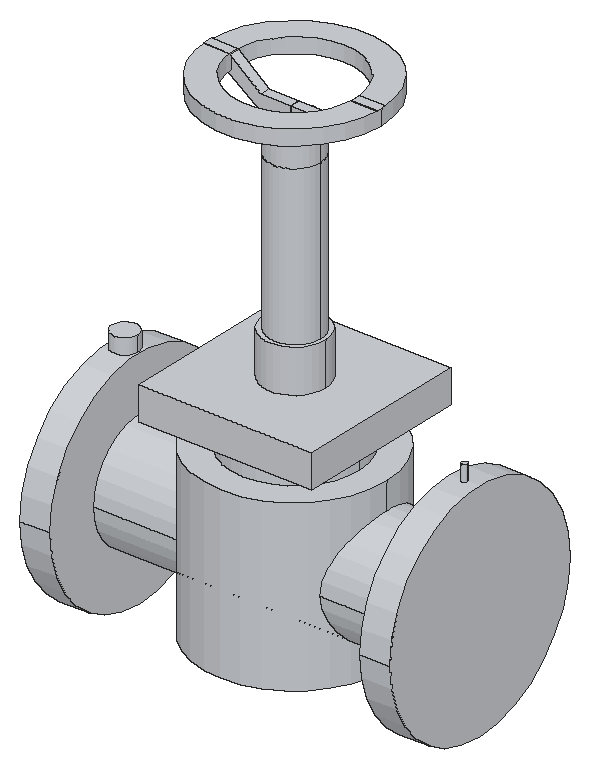
Revit family "Sigma_Compact_DN250-LF_PN16_RFA_2018", category Pipe Accessories, Revit 2018
Family settings
  Round Connector Dimension = Use Diameter
  Part Type = Valve - Breaks Into
  Work Plane-Based = No
  Always vertical = Yes
  Cut with Voids When Loaded = No
  Shared = No
Parameters (values of type "Sigma Compact DN 250 LF PN16")
  magiProductId = "6516628c9ce0481f89e5702e575104"
  magiProductFamilyId = "111bdfd32e424cd9a1e5f1ca7ea2b6"
  magiPartTypeId = 304
  isMeasuringValve [instance] = no
  ang2D [instance] = 0.00°
  W2D = 50 mm
  VersionID = "2.0/2018.12.13.2/FRESE_SIGMA_C_BIG_Q13_001"
  Use Minimum Symbol Size [instance] = no
  URL = "www.hydronix.cz"
  Type Comments = "přírubový; PN16; max dp=800kPa; 0~+110°C; max uzavírací tlak 1MPa"
  R4 = 127.75 mm
  R3 = 115.44 mm
  R1 = 182.5 mm
  QmdConnectorList = "301;D;302;D"
  Productdata [instance] = ""
  Manufacturer = "Hydronix"
  Maintenance Zone Under Depth [instance] = 100 mm
  Maintenance Zone Right Depth [instance] = 100 mm
  Maintenance Zone Over Depth [instance] = 100 mm
  Maintenance Zone Left Depth [instance] = 100 mm
  Maintenance Zone Front Depth [instance] = 100 mm
  Maintenance Zone Back Depth [instance] = 100 mm
  Maintenance Zone Front Visibility [instance] = no
  MC Use Limits From Balancing Method = no
  MC Throttling Minimum Value = 0
  MC Throttling Maximum Value = 0
  MC Product Code = "53-2407 DN250; PN16; (190000-475000 l/h); kvs=803"
  MC Pressure Drop Minimum Value = 0.0 Pa
  MC Pressure Drop Maximum Value = 0.0 Pa
  MC Piping Given Pressure Drop [instance] = 0.0 Pa
  LF__ve = -LF  # -58.4 mm
  LF2 = 29.2 mm
  LF = 58.4 mm
  L432 = 60.042 mm
  L43 = 120.085 mm
  L42 = 171.55 mm
  L4 = 343.1 mm
  L3 = 613.2 mm
  L2D_Min = 30.48 mm
  L2D = 230 mm
  L2 = 365 mm
  HH12 = 29 mm
  HH1 = 58 mm
  HDF__ve = -HDF  # -462 mm
  HDF = 462 mm
  H6 = 85 mm
  H4 = 66.6 mm
  H3 = 55.5 mm
  H2 = 166.5 mm
  H11 = 333 mm
  H1 = 1044 mm
  H = 906 mm
  Description = "Automatický vyvažovací ventil"
  DF2 = 222 mm
  D = 250 mm
  Clearance Zone Height Depth [instance] = 100 mm
  Clearance Zone Circular Radius [instance] = 365 mm
  Clearance Zone Visibility [instance] = no
  CAT0 = yes
Types (9, lengths in mm): name | magiProductId | Type Comments | R4 | R3 | R1 | MC Product Code | LF__ve | LF2 | LF | L432 | L43 | L42 | L4 | L3 | L2 | HH12 | HH1 | HDF__ve | HDF | H4 | H3 | H2 | H11 | H1 | H | DF2 | D | Clearance Zone Circular Radius
  Sigma Compact DN 050 LF PN16 | "7ce002c265594233b83d195dc264f1" | "přírubový; PN16; max dp=800kPa; 0~+120°C; max uzavírací tlak 1MPa" | 40.25 | 42.9 | 57.5 | "53-2400 DN50; PN16; (2480-15000 l/h); kvs=34" | -18.4 | 9.2 | 18.4 | 18.917 | 37.835 | 54.05 | 108.1 | 193.2 | 115 | 16.5 | 33 | -202 | 202 | 24.75 | 20.625 | 61.875 | 123.75 | 480 | 367 | 82.5 | 50 | 115
  Sigma Compact DN 065 LF PN16 | "7b440009bc83499eb1c9a6fd3b4fee" | "přírubový; PN16; max dp=800kPa; 0~+120°C; max uzavírací tlak 1MPa" | 50.75 | 48.1 | 72.5 | "53-2401 DN65; PN16; (4380-25000 l/h); kvs=50" | -23.2 | 11.6 | 23.2 | 23.853 | 47.705 | 68.15 | 136.3 | 243.6 | 145 | 16.5 | 33 | -199 | 199 | 27.75 | 23.125 | 69.375 | 138.75 | 497 | 384 | 92.5 | 65 | 145
  Sigma Compact DN 080 LF PN16 | "c04670cd33374e61a046fccc79a79b" | "přírubový; PN16; max dp=800kPa; 0~+120°C; max uzavírací tlak 1MPa" | 54.25 | 52 | 77.5 | "53-2402 DN80; PN16; (5340-34000 l/h); kvs=68" | -24.8 | 12.4 | 24.8 | 25.497 | 50.995 | 72.85 | 145.7 | 260.4 | 155 | 16.5 | 33 | -213 | 213 | 30 | 25 | 75 | 150 | 526 | 413 | 100 | 80 | 155
  Sigma Compact DN 100 LF PN16 | "e9669c3b3cb042d39f52f9a3f8394b" | "přírubový; PN16; max dp=800kPa; 0~+120°C; max uzavírací tlak 1MPa" | 61.25 | 61.1 | 87.5 | "53-2403 DN100; PN16; (12100-68000 l/h); kvs=115" | -28 | 14 | 28 | 28.788 | 57.575 | 82.25 | 164.5 | 294 | 175 | 34 | 68 | -331 | 331 | 35.25 | 29.375 | 88.125 | 176.25 | 714 | 566 | 117.5 | 100 | 175
  Sigma Compact DN 125 LF PN16 | "72414964175c4f3999d5daaa67221e" | "přírubový; PN16; max dp=800kPa; 0~+120°C; max uzavírací tlak 1MPa" | 70 | 70.2 | 100 | "53-2404 DN125; PN16; (18500-110000 l/h); kvs=186" | -32 | 16 | 32 | 32.9 | 65.8 | 94 | 188 | 336 | 200 | 36.5 | 73 | -338 | 338 | 40.5 | 33.75 | 101.25 | 202.5 | 761 | 608 | 135 | 125 | 200
  Sigma Compact DN 150 LF PN16 | "cb5ac98de80a46389b4a96eb8539c2" | "přírubový; PN16; max dp=800kPa; 0~+110°C; max uzavírací tlak 1MPa" | 84 | 74.1 | 120 | "53-2405 DN150; PN16; (25600-148000 l/h); kvs=250" | -38.4 | 19.2 | 38.4 | 39.48 | 78.96 | 112.8 | 225.6 | 403.2 | 240 | 13 | 26 | -391 | 391 | 42.75 | 35.625 | 106.875 | 213.75 | 782 | 676 | 142.5 | 150 | 240
  Sigma Compact DN 200 LF PN16 | "bd9983fcf82240be8b5626661ef83b" | "přírubový; PN16; max dp=800kPa; 0~+110°C; max uzavírací tlak 1MPa" | 105 | 98.8 | 150 | "53-2406 DN200; PN16; (95000-210000 l/h); kvs=371" | -48 | 24 | 48 | 49.35 | 98.7 | 141 | 282 | 504 | 300 | 29.5 | 59 | -334 | 334 | 57 | 47.5 | 142.5 | 285 | 853 | 714 | 190 | 200 | 300
  Sigma Compact DN 250 LF PN16 | "6516628c9ce0481f89e5702e575104" | "přírubový; PN16; max dp=800kPa; 0~+110°C; max uzavírací tlak 1MPa" | 127.75 | 115.44 | 182.5 | "53-2407 DN250; PN16; (190000-475000 l/h); kvs=803" | -58.4 | 29.2 | 58.4 | 60.042 | 120.085 | 171.55 | 343.1 | 613.2 | 365 | 29 | 58 | -462 | 462 | 66.6 | 55.5 | 166.5 | 333 | 1044 | 906 | 222 | 250 | 365
  Sigma Compact DN 300 LF PN16 | "f16ecb3a8ad443e99405ecd1e4779a" | "přírubový; PN16; max dp=800kPa; 0~+110°C; max uzavírací tlak 1MPa" | 148.75 | 135.2 | 212.5 | "53-2408 DN300; PN16; (190000-475000 l/h); kvs=803" | -68 | 34 | 68 | 69.912 | 139.825 | 199.75 | 399.5 | 714 | 425 | 29 | 58 | -424 | 424 | 78 | 65 | 195 | 390 | 1082 | 944 | 260 | 300 | 425
Reference planes
  plane 1 "Center (Front/Back)": y = 0
  plane 2 "XYPLANE": z = 0
  plane 3 "Center (Left/Right)": x = 0
  plane 4 "298": y = -322
  plane 5 "297": y = 322
  plane 6 "296": y = -222
  plane 7 "295": y = 222
  plane 8 "294": z = -322
  plane 9 "293": z = 922
  plane 10 "292": x = -465
  plane 11 "291": x = 465
  plane 12 "290": z = 922
  plane 13 "256": y = -20
  plane 14 "254": z = 703
  plane 15 "253": z = 713
  plane 16 "252": x = -40
  plane 17 "251": x = -30
  plane 18 "250": x = 40
  plane 19 "249": x = 30
  plane 20 "247": z = 373.6
  plane 21 "244": z = 684
  plane 22 "243": x = 171.55
  plane 23 "242": x = 120.085
  plane 24 "241": x = 60.042
  plane 25 "240": y = -10
  plane 26 "238": x = -60.042
  plane 27 "237": x = -120.085
  plane 28 "236": z = 742
  plane 29 "235": z = 772
  plane 30 "234": x = -171.55
  plane 31 "225": z = 822
  plane 32 "224": z = -222
  plane 33 "157": x = 335.8
  plane 34 "156": x = -335.8
  plane 35 "155": z = 222
  plane 36 "154": z = 288.6
  plane 37 "153": z = 222
  plane 38 "152": z = 166.5
  plane 39 "151": x = -306.6
  plane 40 "150": z = -166.5
  plane 41 "149": x = 0
  plane 42 "148": y = 0
  plane 43 "147": z = 0
  plane 44 "146": x = -365
  plane 45 "145": x = 365
Forms (mm)
  Blend 1, solid, visible <- "Maintenance Zone Front Visibility"
    base sketch origin (-750, 0, 922) x (1, 0, 0) y (0, 1, 0)
      loop
        line (285, 322) -> (285, -322) -> (1215, -322) -> (1215, 322) -> (285, 322)
    top sketch origin (-750, 0, 922) x (1, 0, 0) y (0, 1, 0)
      loop
        line (285, 322) -> (285, -322) -> (1215, -322) -> (1215, 322) -> (285, 322)
    from 0 to -1244
  Blend 2, solid, visible <- "Clearance Zone Visibility"
    base sketch origin (-750, 0, 0) x (1, 0, 0) y (0, 1, 0)
      loop
        circle (750, 0) r 365
    top sketch origin (-750, 0, 0) x (1, 0, 0) y (0, 1, 0)
      loop
        circle (750, 0) r 365
    from 0 to 922
  Extrusion 3, solid
    sketch origin (-750, 0, 684) x (1, 0, 0) y (0, 1, 0)
      loop
        circle (750, 0) r 51.125
    from 0 to -462 <- "HDF__ve"
  Extrusion 4, solid
    sketch origin (-750, 0, 373.6) x (1, 0, 0) y (0, 1, 0)
      loop
        line (780, 20) -> (720, 20) -> (720, -20) -> (780, -20) -> (780, 20)
    from 0 to 25
  Extrusion 5, solid
    sketch origin (750, -20, 0) x (-1, 0, 0) y (0, 0, 1)
      loop
        line (790, 373.6) -> (790, 713) -> (710, 713) -> (710, 373.6) -> (720, 373.6) -> (720, 703) -> (780, 703) -> (780, 373.6) -> (790, 373.6)
    from 0 to 40
  Extrusion 6, solid
    sketch origin (-750, 0, 373.6) x (1, 0, 0) y (0, 1, 0)
      loop
        circle (750, 0) r 25
    from 0 to 30
  Extrusion 7, solid
    sketch origin (750, -10, 0) x (-1, 0, 0) y (0, 0, 1)
      loop
        line (870.085, 822) -> (810.042, 772) -> (750, 772) -> (750, 742) -> (810.042, 742) -> (921.55, 822) -> (870.085, 822)
    from 0 to 20
  Extrusion 8, solid
    sketch origin (750, -10, 0) x (-1, 0, 0) y (0, 0, 1)
      loop
        line (629.915, 822) -> (578.45, 822) -> (689.958, 742) -> (750, 742) -> (750, 772) -> (689.958, 772) -> (629.915, 822)
    from 0 to 20
  Extrusion 9, solid
    sketch origin (-750, 0, 684) x (1, 0, 0) y (0, 1, 0)
      loop
        circle (750, 0) r 51.125
    from 0 to 58 <- "HH1"
  Extrusion 10, solid
    sketch origin (-750, 0, 822) x (1, 0, 0) y (0, 1, 0)
      loop
        circle (750, 0) r 171.55
      loop
        circle (750, 0) r 120.085
    from 0 to -30
  Extrusion 11, solid, visible <- "CAT0"
    sketch origin (-750, 0, 222) x (1, 0, 0) y (0, 1, 0)
      loop
        circle (1085.8, 0) r 5.5
    from 0 to 30
  Extrusion 12, solid, visible <- "CAT0"
    sketch origin (-750, 0, 222) x (1, 0, 0) y (0, 1, 0)
      loop
        circle (414.2, 0) r 25.5
    from 0 to 30
  Extrusion 13, solid, visible <- "CAT0"
    sketch origin (-750, 0, 288.6) x (1, 0, 0) y (0, 1, 0)
      loop
        circle (750, 0) r 61.125
    from 0 to 85 <- "H6"
  Extrusion 14, solid, visible <- "CAT0"
    sketch origin (-750, 0, 222) x (1, 0, 0) y (0, 1, 0)
      loop
        line (921.55, 171.55) -> (578.45, 171.55) -> (578.45, -171.55) -> (921.55, -171.55) -> (921.55, 171.55)
    from 0 to 66.6 <- "H4"
  Extrusion 15, solid, visible <- "CAT0"
    sketch origin (-750, 0, 166.5) x (1, 0, 0) y (0, 1, 0)
      loop
        circle (750, 0) r 127.75
    from 0 to 55.5 <- "H3"
  Extrusion 16, solid, visible <- "CAT0"
    sketch origin (-306.6, -750, 0) x (0, 1, 0) y (0, 0, 1)
      loop
        circle (750, 0) r 115.44
    from 0 to 613.2 <- "L3"
  Extrusion 17, solid, visible <- "CAT0"
    sketch origin (-750, 0, -166.5) x (1, 0, 0) y (0, 1, 0)
      loop
        circle (750, 0) r 182.5
    from 0 to 333 <- "H11"
  Extrusion 18, solid, visible <- "CAT0"
    sketch origin (-365, -750, 0) x (0, 1, 0) y (0, 0, 1)
      loop
        circle (750, 0) r 222
    from 0 to 58.4 <- "LF"
  Extrusion 19, solid, visible <- "CAT0"
    sketch origin (365, -750, 0) x (0, 1, 0) y (0, 0, 1)
      loop
        circle (750, 0) r 222
    from 0 to -58.4 <- "LF__ve"
  Extrusion 20, solid, not visible
    sketch origin (-365, -750, 0) x (0, 1, 0) y (0, 0, 1)
      loop
        circle (750, 0) r 10
    from 0 to 10
  Extrusion 21, solid, not visible
    sketch origin (365, -750, 0) x (0, 1, 0) y (0, 0, 1)
      loop
        circle (750, 0) r 10
    from 0 to -10
Lines and regions (mm)
  reference lines, not visible
    curve 1: circle (2, 2, 0) r 1 normal (0, 0, 1)
  reference lines
    curve 2: circle (0, 0, 222) r 1 normal (0, 0, 1)
Dimensions and locks
  plane 1 "Center (Front/Back)" to curve 1 = 2 mm
  "Maintenance Zone Front Depth": plane 6 "296" to plane 4 "298"
  "Maintenance Zone Back Depth": plane 7 "295" to plane 5 "297"
  "DF2": plane 42 "148" to plane 6 "296"
  "DF2": plane 42 "148" to plane 7 "295"
  "Maintenance Zone Under Depth": plane 32 "224" to plane 8 "294"
  "Maintenance Zone Over Depth": plane 31 "225" to plane 9 "293"
  "Maintenance Zone Left Depth": plane 44 "146" to plane 10 "292"
  "Maintenance Zone Right Depth": plane 45 "145" to plane 11 "291"
  "Clearance Zone Height Depth": plane 31 "225" to plane 12 "290"
  locked: plane 25 "240" to plane 13 "256" at 10
  locked: plane 15 "253" to plane 14 "254" at 10
  "HH12": plane 21 "244" to plane 15 "253"
  locked: plane 17 "251" to plane 16 "252" at 10
  locked: plane 41 "149" to plane 17 "251" at 30
  locked: plane 19 "249" to plane 18 "250" at 10
  locked: plane 41 "149" to plane 19 "249" at 30
  "H6": plane 36 "154" to plane 20 "247"
  "H": plane 32 "224" to plane 21 "244"
  "L42": plane 41 "149" to plane 22 "243"
  "L43": plane 41 "149" to plane 23 "242"
  "L432": plane 41 "149" to plane 24 "241"
  locked: plane 42 "148" to plane 25 "240" at 10
  "L432": plane 41 "149" to plane 26 "238"
  "L43": plane 41 "149" to plane 27 "237"
  locked: plane 29 "235" to plane 28 "236" at 30
  locked: plane 31 "225" to plane 29 "235" at 50
  "L42": plane 41 "149" to plane 30 "234"
  "H1": plane 32 "224" to plane 31 "225"
  "DF2": plane 2 "XYPLANE" to plane 32 "224"
  "LF2": plane 45 "145" to plane 33 "157"
  "LF2": plane 44 "146" to plane 34 "156"
  "DF2": plane 2 "XYPLANE" to plane 35 "155"
  "H4": plane 37 "153" to plane 36 "154"
  "H3": plane 38 "152" to plane 37 "153"
  "H11": plane 40 "150" to plane 38 "152"
  "LF": plane 44 "146" to plane 39 "151"
  "H2": plane 2 "XYPLANE" to plane 40 "150"
  locked: plane 3 "Center (Left/Right)" to plane 41 "149"
  locked: plane 1 "Center (Front/Back)" to plane 42 "148"
  locked: plane 2 "XYPLANE" to plane 43 "147"
  "L2": plane 3 "Center (Left/Right)" to plane 44 "146"
  "L2": plane 3 "Center (Left/Right)" to plane 45 "145"
  Blend 1 sketch curve to Blend 1 sketch curve = 0 mm  (x16)
  Extrusion 4 sketch curve to Extrusion 4 sketch curve = 0 mm  (x8)
  Extrusion 5 sketch curve to Extrusion 5 sketch curve = 0 mm  (x16)
  Extrusion 7 sketch curve to Extrusion 7 sketch curve = 0 mm  (x12)
  Extrusion 8 sketch curve to Extrusion 8 sketch curve = 0 mm  (x12)
  equal spacing: Extrusion 14 sketch curve, curve 2, Extrusion 14 sketch curve  (x2)
  "L4": Extrusion 14 sketch curve to Extrusion 14 sketch curve  (x2)
  Extrusion 14 sketch curve to Extrusion 14 sketch curve = 0 mm  (x8)
  "Clearance Zone Circular Radius": radius of Blend 2 sketch curve  (x2)
  "L42": radius of Extrusion 10 sketch curve
  "L43": radius of Extrusion 10 sketch curve
  "R4": radius of Extrusion 15 sketch curve
  "R3": radius of Extrusion 16 sketch curve
  "R1": radius of Extrusion 17 sketch curve
  "DF2": radius of Extrusion 18 sketch curve
  "DF2": radius of Extrusion 19 sketch curve
  aligned and locked: level to plane 2 "XYPLANE"
  aligned and locked: Blend 1 sketch curve to plane 5 "297"  (x2)
  aligned and locked: plane 10 "292" to Blend 1 sketch curve  (x4)
  aligned and locked: plane 11 "291" to Blend 1 sketch curve  (x4)
  aligned and locked: plane 5 "297" to Blend 1 sketch curve  (x2)
  aligned and locked: plane 4 "298" to Blend 1 sketch curve  (x4)
  aligned and locked: Blend 1 to plane 8 "294"
  aligned and locked: plane 41 "149" to Blend 2 sketch curve  (x2)
  aligned and locked: plane 42 "148" to Blend 2 sketch curve  (x2)
  aligned and locked: plane 12 "290" to Blend 2
  aligned and locked: plane 41 "149" to Extrusion 3 sketch curve
  aligned and locked: plane 42 "148" to Extrusion 3 sketch curve
  aligned and locked: Extrusion 5 sketch curve to plane 16 "252"
  aligned and locked: plane 20 "247" to Extrusion 5 sketch curve  (x4)
  aligned and locked: plane 15 "253" to Extrusion 5 sketch curve  (x2)
  aligned and locked: plane 16 "252" to Extrusion 5 sketch curve
  aligned and locked: plane 18 "250" to Extrusion 5 sketch curve  (x2)
  aligned and locked: plane 19 "249" to Extrusion 5 sketch curve  (x2)
  aligned and locked: plane 14 "254" to Extrusion 5 sketch curve  (x2)
  aligned and locked: plane 17 "251" to Extrusion 5 sketch curve  (x2)
  aligned and locked: plane 41 "149" to Extrusion 6 sketch curve
  aligned and locked: plane 42 "148" to Extrusion 6 sketch curve
  aligned and locked: plane 27 "237" to Extrusion 7 sketch curve
  aligned and locked: plane 31 "225" to Extrusion 7 sketch curve  (x2)
  aligned and locked: plane 26 "238" to Extrusion 7 sketch curve  (x2)
  aligned and locked: plane 29 "235" to Extrusion 7 sketch curve  (x2)
  aligned and locked: plane 41 "149" to Extrusion 7 sketch curve  (x2)
  aligned and locked: plane 28 "236" to Extrusion 7 sketch curve  (x2)
  aligned and locked: plane 30 "234" to Extrusion 7 sketch curve
  aligned and locked: plane 23 "242" to Extrusion 8 sketch curve
  aligned and locked: plane 31 "225" to Extrusion 8 sketch curve  (x2)
  aligned and locked: plane 24 "241" to Extrusion 8 sketch curve  (x2)
  aligned and locked: plane 29 "235" to Extrusion 8 sketch curve  (x2)
  aligned and locked: plane 41 "149" to Extrusion 8 sketch curve  (x2)
  aligned and locked: plane 28 "236" to Extrusion 8 sketch curve  (x2)
  aligned and locked: plane 22 "243" to Extrusion 8 sketch curve
  aligned and locked: plane 41 "149" to Extrusion 9 sketch curve
  aligned and locked: plane 42 "148" to Extrusion 9 sketch curve
  aligned and locked: plane 41 "149" to Extrusion 10 sketch curve  (x2)
  aligned and locked: plane 42 "148" to Extrusion 10 sketch curve  (x2)
  aligned and locked: plane 33 "157" to Extrusion 11 sketch curve
  aligned and locked: plane 42 "148" to Extrusion 11 sketch curve
  aligned and locked: plane 34 "156" to Extrusion 12 sketch curve
  aligned and locked: plane 42 "148" to Extrusion 12 sketch curve
  aligned and locked: plane 41 "149" to Extrusion 13 sketch curve
  aligned and locked: plane 42 "148" to Extrusion 13 sketch curve
  aligned and locked: plane 41 "149" to curve 2
  aligned and locked: plane 42 "148" to curve 2
  aligned and locked: plane 41 "149" to Extrusion 15 sketch curve
  aligned and locked: plane 42 "148" to Extrusion 15 sketch curve
  aligned and locked: Extrusion 16 sketch curve to plane 42 "148"
  aligned and locked: plane 43 "147" to Extrusion 16 sketch curve
  aligned and locked: plane 41 "149" to Extrusion 17 sketch curve
  aligned and locked: plane 42 "148" to Extrusion 17 sketch curve
  aligned and locked: Extrusion 18 sketch curve to plane 42 "148"
  aligned and locked: plane 43 "147" to Extrusion 18 sketch curve
  aligned and locked: Extrusion 19 sketch curve to plane 42 "148"
  aligned and locked: plane 43 "147" to Extrusion 19 sketch curve
  aligned and locked: Extrusion 20 sketch curve to plane 42 "148"
  aligned and locked: plane 43 "147" to Extrusion 20 sketch curve
  aligned and locked: Extrusion 21 sketch curve to plane 42 "148"
  aligned and locked: plane 43 "147" to Extrusion 21 sketch curve
Automatic sketch dimensions
  plane 26 "238" to Extrusion 3 sketch curve = 8.917 mm
  Extrusion 4 sketch curve to plane 17 "251" = 0 mm
  Extrusion 4 sketch curve to plane 13 "256" = 0 mm
  Extrusion 4 sketch curve to plane 19 "249" = 0 mm
  Extrusion 4 sketch curve to plane 1 "Center (Front/Back)" = 20 mm
  plane 17 "251" to Extrusion 6 sketch curve = 5 mm
  plane 26 "238" to Extrusion 9 sketch curve = 8.917 mm
  Extrusion 11 sketch curve to plane 33 "157" = 5.5 mm
  plane 44 "146" to Extrusion 12 sketch curve = 3.7 mm
  Extrusion 13 sketch curve to plane 26 "238" = 1.083 mm
  Extrusion 20 sketch curve to plane 25 "240" = 0 mm
  Extrusion 21 sketch curve to plane 25 "240" = 0 mm
  plane 3 "Center (Left/Right)" to curve 1 = 2 mm
  Extrusion 14 sketch curve to plane 30 "234" = 0 mm
  plane 6 "296" to Extrusion 14 sketch curve = 50.45 mm
  radius of curve 2 = 1 mm
  radius of curve 1 = 1 mm
Connectors
  piping at (-365, 0, 0), diameter 250, driven by "D"
    settings: on Extrusion 20, index 1, connector inside diameter 609.6 mm, connector length 0 mm, flow factor 0, pipe flow 0.0 L/s, pressure drop 0.0 Pa, fitting loss kfactor 0, connector angle 0.00°, fixture units 0, engagement length 0 mm, angle of deflection 0.00°, flow configuration 0, flow direction 0, fitting loss method 0, system type 29, joint type 0, gender type 0, connector reference index 2, connector utility 0, adjustable connector no, is connector primary yes, connector description ""
  piping at (365, 0, 0), diameter 250, driven by "D"
    settings: on Extrusion 21, index 2, connector inside diameter 609.6 mm, connector length 0 mm, flow factor 0, pipe flow 0.0 L/s, pressure drop 0.0 Pa, fitting loss kfactor 0, connector angle 0.00°, fixture units 0, engagement length 0 mm, angle of deflection 0.00°, flow configuration 0, flow direction 0, fitting loss method 0, system type 29, joint type 0, gender type 0, connector reference index 1, connector utility 0, adjustable connector no, is connector primary no, connector description ""
